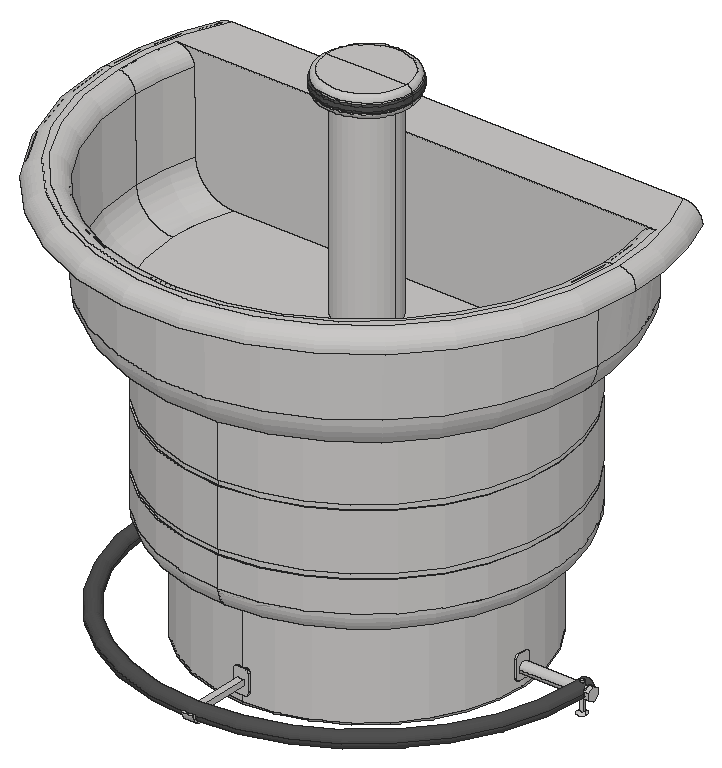
Revit family "Washfountain_Lavatory-Bradley_Corp-WF2703-Type_A_Drain", category Plumbing Fixtures, Revit 2012
Parameters
  Width = 36.000"
  Warranty Information = ""
  WFU = 0
  Voltage = 110 V
  Version = "2.0"
  URL = "http://www.bradleycorp.com/"
  Towel Dispenser Holder [instance] = if((Soap Dispenser), 4.875", 13.375")  # 13.375"
  Towel Dispenser Height [instance] = if((Sensor Module), 50.750", 47.250")  # 47.250"
  TouchTime® Control [instance] = no
  Technical Data = "n/a"
  Spray Head Height = 33.875"
  Specifications URL = "http://www.bradleycorp.com/3partspec"
  Soap Dispenser Holder [instance] = 2.500"  # constant formula
  Soap Dispenser Height [instance] = if((Sensor Module), 45.875", 42.375")  # 42.375"
  Sensor Module Height = 37.375"
  Sensor Module [instance] = not(Foot Control Valve)  # no
  Rim Height = 28.000"
  Product Tech Data URL - Spanish = ""
  Product Tech Data URL - French = ""
  Product Tech Data URL - English = "http://bradleycorp.com/download/2241/2017.pdf"
  Pedestal Material = Metal - Bradley Corp - Stainless Steel - Satin
  Pedestal Height = 19.000"
  Operating Water Pressure Range = "20 - 80 PSI"
  OmniClass Table 23 Title = "Sinks/Lavatories"
  OmniClass Table 23 Number = "23-31 13 00"
  OmniClass Table 21 Title = "Plumbing Fixtures"
  OmniClass Table 21 Number = "21-04 20 10 60"
  No Towel Dispenser [instance] = not(Towel Dispenser)  # yes
  No Soap Dispenser [instance] = not(Soap Dispenser)  # yes
  No Sensor Module [instance] = not(Sensor Module)  # yes
  Modeling Code = ""
  Model = "WF2703"
  Material Note = ""
  MasterFormat Title = "Commercial Lavatories and Sinks"
  MasterFormat Number = "22 42 16"
  Manufacturer = "Bradley Corp"
  Industry Standards = ""
  Hot Lavatory Inlet Secondary Radius = Hot Lavatory Inlet Secondary / 2  # 1/2"
  Hot Lavatory Inlet Secondary = 1"
  Hot Lavatory Inlet Primary Radius = Hot Lavatory Inlet Primary / 2  # 1/2"
  Hot Lavatory Inlet Primary = 1"
  HWFU = 0
  Frequency = 50 Hz
  Foot Control Valve [instance] = not(or(TouchTime® Control, Air Valve Hand Control, Adaptive Infrared Activation Control))  # yes
  Flow Rate = 1.25 GPM
  Fire Rating = "n/a"
  Drain Secondary Radius = Drain Secondary / 2  # 1"
  Drain Secondary = 2"
  Drain Primary Radius = Drain Primary / 2  # 1"
  Drain Primary = 2"
  Drain Height [instance] = 12.000"
  Description = "Washfountain, 36\" Semi Circular with 9\" Deep Bowl"
  Copyright = "This Model Data is Property of Bradley Corporation"
  Cold Lavatory Inlet Secondary Radius = Cold Lavatory Inlet Secondary / 2  # 1/2"
  Cold Lavatory Inlet Secondary = 1"
  Cold Lavatory Inlet Primary Radius = Cold Lavatory Inlet Primary / 2  # 1/2"
  Cold Lavatory Inlet Primary = 1"
  CWFU = 0
  Buy American Act = "No"
  Button Visibility [instance] = or(TouchTime® Control, Air Valve Hand Control)  # no
  Bowl Material [instance] = Metal - Bradley Corp - Stainless Steel - Polished
  Assembly Code = "D2010300"
  Air Valve Hand Control [instance] = no
  Adaptive Infrared Activation Control [instance] = no
  ADA Compliant = "Yes"
  Soap Dispenser [instance] = no
  Towel Dispenser [instance] = no
Reference planes (in)
  plane 1 "Center (Front/Back)": y = 0
  plane 2: z = 0
  plane 3 "Center (Left/Right)": x = 0
  plane 4 "Left": x = -18
  plane 5 "Right": x = 18
  plane 6 "Towel Dispenser": z = 47.25
  plane 7 "Soap Dispenser": z = 42.375
  plane 8 "Sensor Module": z = 37.375
  plane 9 "Spray Head": z = 33.875
  plane 10 "Rim Height": z = 28
  plane 11 "Pedestal Height": z = 19
  plane 12: y = -7.6967
  plane 13: z = 36.375
  plane 14 "Front": y = -26.03001
Forms (in)
  Sweep 1, solid, material "Metal - Bradley Corp - Stainless Steel - Polished" <- "Bowl Material", detail levels medium+fine
    path in 3D
      loop
        arc (18.28, -7.75, 28) -> (0, 10.53, 28) -> (-18.28, -7.75, 28) r 18.28
        arc (-18.28, -7.75, 28) -> (0, -26.03, 28) -> (18.28, -7.75, 28) r 18.28
    profile origin (0, -26.03, 28) x (0, 1, 0) y (0, 0, 1)
      loop
        line (16.3333, -9) -> (16.3333, -8.88) -> (5.20078, -8.88)
        arc (5.20078, -8.88) -> (3.4987, -8.21109) -> (2.70744, -6.56231) r 2.5
        line (2.70744, -6.56231) -> (2.65999, -1.125)
        arc (2.65999, -1.125) -> (2.33049, -0.3295) -> (1.53499, 0.00011) r 1.125
        line (1.53499, 0.00011) -> (1.12499, 0)
        arc (1.12499, 0) -> (0.3295, -0.3295) -> (-0.00001, -1.125) r 1.125
        line (-0.00001, -1.125) -> (0.11999, -1.125)
        arc (0.11999, -1.125) -> (0.41435, -0.41436) -> (1.12499, -0.11989) r 1.005
        line (1.12499, -0.11989) -> (1.53499, -0.12025)
        arc (1.53499, -0.12025) -> (2.24563, -0.41461) -> (2.53999, -1.12525) r 1.005
        line (2.53999, -1.12525) -> (2.58748, -6.56717)
        arc (2.58748, -6.56717) -> (3.41556, -8.29765) -> (5.20078, -9) r 2.62
        line (5.20078, -9) -> (16.3333, -9)
  Extrusion 2, void
    sketch origin (0, 0, 28) x (-1, 0, 0) y (0, -1, 0)
      loop
        line (18, -14) -> (18, 0) -> (-18, 0) -> (-18, -14) -> (18, -14)
    from -28 to 5.875
  Sweep 3, solid, material "Metal - Bradley Corp - Stainless Steel - Polished" <- "Bowl Material", detail levels coarse
    path in 3D
      loop
        arc (18.28, -7.75, 28) -> (0, 10.53, 28) -> (-18.28, -7.75, 28) r 18.28
        arc (-18.28, -7.75, 28) -> (0, -26.03, 28) -> (18.28, -7.75, 28) r 18.28
    profile origin (0, -26.03, 28) x (0, 1, 0) y (0, 0, 1)
      loop
        line (0, 0) -> (0, -1.125) -> (0.12, -1.125) -> (0.12, -0.12) -> (2.53999, -0.12) -> (2.53999, -9) -> (16.3333, -9) -> (16.3333, -8.88) -> (2.65999, -8.88) -> (2.65999, 0) -> (0, 0)
  Revolve 4, solid, material "Metal - Bradley Corp - Stainless Steel - Satin" <- "Pedestal Material", detail levels medium+fine
    sketch origin (0, 0, 0) x (0, 1, 0) y (0, 0, 1)
      loop
        line (-20.25001, 10.34788) -> (-20.17078, 10.34788) -> (-20.17078, 9.97288) -> (-20.25001, 9.97288) -> (-20.25001, 7.88979)
        arc (-20.25001, 7.88979) -> (-19.80162, 6.80727) -> (-18.7191, 6.35887) r 1.53091
        line (-18.7191, 6.35887) -> (-7.6967, 6.35887) -> (-7.6967, 19) -> (-20.25001, 19) -> (-20.25001, 14.53538) -> (-20.16608, 14.53538) -> (-20.16608, 14.16038) -> (-20.25001, 14.16038) -> (-20.25001, 10.34788)
      axis (-7.6967, 19) -> (-7.6967, 6.35887)
    angle from 0 to 360
  Revolve 5, solid, material "Metal - Bradley Corp - Stainless Steel - Satin" <- "Pedestal Material", detail levels coarse
    sketch origin (0, 0, 0) x (0, 1, 0) y (0, 0, 1)
      loop
        line (-20.25001, 19) -> (-20.25001, 6.35887) -> (-7.6967, 6.35887) -> (-7.6967, 19) -> (-20.25001, 19)
      axis (-7.6967, 19) -> (-7.6967, 6.35887)
    angle from 0 to 360
  Revolve 6, solid, material "Metal - Bradley Corp - Stainless Steel - Satin"
    sketch origin (0, 0, 0) x (0, 1, 0) y (0, 0, 1)
      loop
        arc (-18.18806, 0.1416) -> (-18.14659, 0.04147) -> (-18.04646, 0) r 0.1416
        line (-18.04646, 0) -> (-7.6967, 0) -> (-7.6967, 6.35887) -> (-17.97405, 6.35888) -> (-17.97405, 6.04595) -> (-18.18806, 6.04595) -> (-18.18806, 0.1416)
      axis (-7.6967, 6.35888) -> (-7.6967, 0)
    angle from 0 to 360
  Revolve 7, solid, material "Metal - Bradley Corp - Stainless Steel - Satin", detail levels medium+fine
    sketch origin (-3, -7.6967, 33.875) x (1, 0, 0) y (0, 0, 1)
      loop
        arc (0.31013, 0) -> (0.06618, -0.10105) -> (-0.03487, -0.345) r 0.345
        line (-0.03487, -0.345) -> (-0.03487, -0.44471)
        arc (-0.03487, -0.44471) -> (-0.09873, -0.47343) -> (-0.12487, -0.53838) r 0.09375
        line (-0.12487, -0.53838) -> (-0.12487, -0.85088)
        arc (-0.12487, -0.85088) -> (-0.09873, -0.91583) -> (-0.03487, -0.94456) r 0.09375
        line (-0.03487, -0.94456) -> (-0.03487, -1.04463)
        arc (-0.03487, -1.04463) -> (0.06618, -1.28859) -> (0.31013, -1.38963) r 0.345
        line (0.31013, -1.38963) -> (1.00013, -1.38963) -> (1.00013, -14.875) -> (3, -14.875) -> (3, 0) -> (0.31013, 0)
      axis (3, 0) -> (3, -14.875)
    angle from 0 to 360
  Revolve 8, solid, material "Metal - Bradley Corp - Stainless Steel - Satin", detail levels coarse
    sketch origin (-3, -7.6967, 33.875) x (1, 0, 0) y (0, 0, 1)
      loop
        line (-0.12487, -0.44471) -> (-0.12487, -0.94456) -> (0.31085, -1.38963) -> (1.00013, -1.38963) -> (1.00013, -14.875) -> (3, -14.875) -> (3, 0.00012) -> (0.31013, 0.00012) -> (-0.12487, -0.44471)
      axis (3, 0.00012) -> (3, -14.875)
    angle from 0 to 360
  Revolve 9, solid, material "Metal - Bradley Corp - Stainless Steel - Satin", visible <- "Sensor Module", detail levels fine
    sketch origin (-3, -7.6967, 37.375) x (1, 0, 0) y (0, 0, 1)
      loop
        arc (-1.45317, -0.20636) -> (-1.54025, -0.24993) -> (-1.57537, -0.34075) r 0.135
        line (-1.57537, -0.34075) -> (-1.57537, -0.56538) -> (-1.49987, -0.56538) -> (-1.49987, -1.98683)
        arc (-1.49987, -1.98683) -> (-1.48077, -2.08267) -> (-1.42639, -2.16387) r 0.25
        line (-1.42639, -2.16387) -> (-0.82283, -2.76742)
        arc (-0.82283, -2.76742) -> (-0.74182, -2.82142) -> (-0.64632, -2.84038) r 0.25
        line (-0.64632, -2.84038) -> (1.00013, -2.84038) -> (1.00013, -3.5) -> (3, -3.5) -> (3, 0) -> (0.90513, 0) -> (-1.45612, -0.2063)
      axis (3, 0) -> (3, -3.5)
    angle from 0 to 360
  Revolve 10, solid, material "Metal - Bradley Corp - Stainless Steel - Satin", visible <- "Sensor Module", detail levels coarse+medium
    sketch origin (-3, -7.6967, 37.375) x (1, 0, 0) y (0, 0, 1)
      loop
        line (-1.57537, -2.01488) -> (-0.74987, -2.84038) -> (1.00013, -2.84038) -> (1.00013, -3.5) -> (3, -3.5) -> (3, 0) -> (-1.57537, 0) -> (-1.57537, -2.01488)
      axis (3, 0) -> (3, -3.5)
    angle from 0 to 360
  Revolve 11, solid, material "Metal - Bradley Corp - Stainless Steel - Satin", visible <- "Soap Dispenser", detail levels fine
    sketch origin (-3, -7.6967, 42.375) x (1, 0, 0) y (0, 0, 1)
      loop
        line (-3.01408, -1.64235) -> (-2.98301, -1.64235) -> (-2.98301, -2.89235) -> (-2.93039, -2.89235) -> (-2.93039, -4.14235) -> (-2.87777, -4.14235) -> (-2.87777, -5.39235) -> (-2.81, -5.39235) -> (-2.81, -6) -> (3, -6) -> (3, 0) -> (-1.15684, 0)
        arc (-1.15684, 0) -> (-2.16098, -0.12055) -> (-3.13971, -0.37529) r 7.48917
        line (-3.13971, -0.37529) -> (-3.13971, -1.00047) -> (-3.01408, -1.00047) -> (-3.01408, -1.64235)
      axis (3, 0) -> (3, -6)
    angle from 360 to 180
  Revolve 12, solid, material "Metal - Bradley Corp - Stainless Steel - Satin", visible <- "Soap Dispenser", detail levels coarse+medium
    sketch origin (-3, -7.6967, 42.375) x (1, 0, 0) y (0, 0, 1)
      loop
        line (-3.13971, -1.00047) -> (-2.81, -6) -> (3, -6) -> (3, -1.00047) -> (-3.13971, -1.00047)
      axis (3, -1.00047) -> (3, -6)
    angle from 360 to 180
  Extrusion 13, solid, material "Metal - Bradley Corp - Stainless Steel - Satin", visible <- "Soap Dispenser", detail levels fine
    sketch origin (-3, -7.6967, 42.375) x (1, 0, 0) y (0, 0, 1)
      loop
        line (-3.01408, -1.64235) -> (-2.98301, -1.64235) -> (-2.98301, -2.89235) -> (-2.93039, -2.89235) -> (-2.93039, -4.14235) -> (-2.87777, -4.14235) -> (-2.87777, -5.39235) -> (-2.81, -5.39235) -> (-2.81, -6) -> (8.81, -6) -> (8.81, -5.39235) -> (8.87777, -5.39235) -> (8.87777, -4.14235) -> (8.93039, -4.14235) -> (8.93039, -2.89235) -> (8.98301, -2.89235) -> (8.98301, -1.64235) -> (9.01408, -1.64235) -> (9.01408, -1.00047) -> (9.13971, -1.00047) -> (9.13971, -0.37529)
        arc (9.13971, -0.37529) -> (8.16098, -0.12055) -> (7.15684, 0) r 7.48917
        line (7.15684, 0) -> (-1.15684, 0)
        arc (-1.15684, 0) -> (-2.16098, -0.12055) -> (-3.13971, -0.37529) r 7.48917
        line (-3.13971, -0.37529) -> (-3.13971, -1.00047) -> (-3.01408, -1.00047) -> (-3.01408, -1.64235)
    from 0 to -2.25
  Extrusion 14, solid, material "Metal - Bradley Corp - Stainless Steel - Satin", visible <- "Soap Dispenser", detail levels coarse+medium
    sketch origin (-3, -7.6967, 42.375) x (1, 0, 0) y (0, 0, 1)
      loop
        line (-3.13971, -1.00047) -> (-2.81, -6) -> (8.81, -6) -> (9.13971, -1.00047) -> (-3.13971, -1.00047)
    from 0 to -2.25
  Extrusion 15, solid, material "Metal - Bradley Corp - Stainless Steel - Satin", visible <- "Towel Dispenser"
    sketch origin (0, 0, 47.25) x (-1, 0, 0) y (0, -1, 0)
      loop
        line (0.06458, 14.08484) -> (-0.06458, 14.08484) -> (-5.56458, 4.55856) -> (-5.5, 4.4467) -> (5.5, 4.4467) -> (5.56458, 4.55856) -> (0.06458, 14.08484)
      loop
        circle (0, 7.6967) r 2
    from 14.62567 to 14.12567
  Extrusion 16, solid, material "Metal - Bradley Corp - Stainless Steel - Satin", visible <- "Towel Dispenser"
    sketch origin (-0.06458, -14.08484, 47.25) x (0, 0, 1) y (-0.866025, -0.5, 0)
      loop
        line (0, 0) -> (15.313, 0) -> (14.62567, 4) -> (1.37502, 4) -> (0, 1.75) -> (0, 0)
    from 0 to -11
  Extrusion 17, solid, material "Metal - Bradley Corp - Stainless Steel - Satin", visible <- "Towel Dispenser"
    sketch origin (5.56458, -4.55856, 47.25) x (0, 0, 1) y (0.866025, -0.5, 0)
      loop
        line (0, 0) -> (15.313, 0) -> (14.62567, 4) -> (1.37502, 4) -> (0, 1.75) -> (0, 0)
    from 0 to -11
  Extrusion 18, solid, material "Metal - Bradley Corp - Stainless Steel - Satin", visible <- "Towel Dispenser"
    sketch origin (0, 0, 47.25) x (-1, 0, 0) y (0, -1, 0)
      loop
        line (0.06458, 14.08484) -> (-0.06458, 14.08484) -> (-5.56458, 4.55856) -> (-5.5, 4.4467) -> (5.5, 4.4467) -> (5.56458, 4.55856) -> (0.06458, 14.08484)
      loop
        circle (0, 7.6967) r 2
    from 1.0786 to 1.5786
  Extrusion 19, solid, material "Metal - Bradley Corp - Stainless Steel - Satin", visible <- "Towel Dispenser"
    sketch origin (0, 0, 47.25) x (-1, 0, 0) y (0, -1, 0)
      loop
        circle (0, 7.6967) r 2
    from -13.375 to 16.313
  Extrusion 20, solid, material "Metal - Bradley Corp - Stainless Steel - Satin", visible <- "Soap Dispenser"
    sketch origin (0, 0, 42.375) x (-1, 0, 0) y (0, -1, 0)
      loop
        circle (0, 7.6967) r 2
    from -6 to -8.5
  Extrusion 21, solid, material "Metal - Bradley Corp - Stainless Steel - Polished", detail levels medium+fine
    sketch origin (0, 0, 28) x (-1, 0, 0) y (0, -1, 0)
      loop
        circle (-4, 7.6967) r 1.75
      loop
        circle (-4, 7.6967) r 0.1842
      loop
        circle (-4, 6.81899) r 0.1842
      loop
        circle (-3.12229, 7.6967) r 0.1842
      loop
        circle (-4, 8.57441) r 0.1842
      loop
        circle (-4.87771, 7.6967) r 0.1842
      loop
        circle (-4.62063, 7.07606) r 0.1842
      loop
        circle (-3.37937, 7.07606) r 0.1842
      loop
        circle (-3.37937, 8.31733) r 0.1842
      loop
        circle (-4.62063, 8.31733) r 0.1842
    from -8.88 to -8.93903
  Extrusion 22, void
    sketch origin (0, 0, 28) x (-1, 0, 0) y (0, -1, 0)
      loop
        circle (-4, 7.6967) r 1.75
    from -9 to -5.94946
  Sweep 23, solid, material "Plastic - Bradley Corp - Black", visible <- "Foot Control Valve"
    path in 3D
      loop
        line (15.00846, -7.1967, 0) -> (15.00846, -7.6967, 0)
        arc (15.00846, -7.6967, 0) -> (0, -22.70516, 0) -> (-15.00846, -7.6967, 0) r 15.00846
        line (-15.00846, -7.6967, 0) -> (-15.00846, -7.1967, 0)
    profile origin (-15.00846, -7.4467, 0) x (-1, 0, 0) y (0, 0, 1)
      loop
        circle (-0.5, 1.42499) r 0.49941
  Extrusion 24, solid, material "Metal - Bradley Corp - Stainless Steel - Satin", visible <- "Foot Control Valve", detail levels medium+fine
    sketch origin (0, 0, 0) x (0, 1, 0) y (0, 0, 1)
      loop
        line (-7.37851, 1.63949) -> (-7.75001, 1.85397) -> (-8.12151, 1.63949) -> (-8.12151, 1.21051) -> (-7.75001, 0.99603) -> (-7.37851, 1.21051) -> (-7.37851, 1.63949)
    from -15.32813 to -15.01563
  Extrusion 25, solid, material "Metal - Bradley Corp - Stainless Steel - Satin", visible <- "Foot Control Valve", detail levels medium+fine
    sketch origin (0, 0, 0) x (0, 1, 0) y (0, 0, 1)
      loop
        line (-7.75001, 1.85397) -> (-8.12151, 1.63948) -> (-8.12151, 1.21051) -> (-7.75001, 0.99603) -> (-7.37851, 1.21051) -> (-7.37851, 1.63949) -> (-7.75001, 1.85397)
    from 15.37923 to 15.04349
  Extrusion 26, solid, material "Metal - Bradley Corp - Stainless Steel - Satin", visible <- "Foot Control Valve"
    sketch origin (0, 0, 0) x (0, 1, 0) y (0, 0, 1)
      loop
        circle (-7.75001, 1.425) r 0.3715
    from -15.01563 to -10.61637
  Extrusion 27, solid, material "Metal - Bradley Corp - Stainless Steel - Satin", visible <- "Foot Control Valve"
    sketch origin (0, 0, 0) x (0, 1, 0) y (0, 0, 1)
      loop
        circle (-7.75001, 1.42499) r 0.3715
    from 10.61637 to 15.04349
  Extrusion 28, solid, material "Metal - Bradley Corp - Stainless Steel - Satin", visible <- "Foot Control Valve", detail levels fine
    sketch origin (0, 0, 0) x (1, 0, 0) y (0, 1, 0)
      loop
        circle (-14.57813, -7.6967) r 0.12
      loop
        circle (14.57813, -7.6967) r 0.12
    from 0.1445 to 1.99999
  Blend 29, solid, material "Metal - Bradley Corp - Stainless Steel - Satin", visible <- "Foot Control Valve", detail levels fine
    base sketch origin (0, 0, 0) x (1, 0, 0) y (0, 1, 0)
      loop
        circle (-14.57813, -7.6967) r 0.12
    top sketch origin (0, 0, 0) x (1, 0, 0) y (0, 1, 0)
      loop
        circle (-14.57813, -7.6967) r 0.327
    from 0.1445 to 0
  Blend 30, solid, material "Metal - Bradley Corp - Stainless Steel - Satin", visible <- "Foot Control Valve", detail levels fine
    base sketch origin (0, 0, 0) x (1, 0, 0) y (0, 1, 0)
      loop
        circle (14.57813, -7.6967) r 0.12
    top sketch origin (0, 0, 0) x (1, 0, 0) y (0, 1, 0)
      loop
        circle (14.57813, -7.6967) r 0.327
    from 0.1445 to 0
  Extrusion 31, solid, material "Metal - Bradley Corp - Stainless Steel - Satin", visible <- "Foot Control Valve"
    sketch origin (0, 0, 0) x (0, 1, 0) y (0, 0, 1)
      loop
        line (-7.25001, 0.921) -> (-7.25001, 2.046)
        arc (-7.25001, 2.046) -> (-7.32323, 2.22278) -> (-7.50001, 2.296) r 0.25
        line (-7.50001, 2.296) -> (-8.00001, 2.296)
        arc (-8.00001, 2.296) -> (-8.17679, 2.22278) -> (-8.25001, 2.046) r 0.25
        line (-8.25001, 2.046) -> (-8.25001, 0.921)
        arc (-8.25001, 0.921) -> (-8.17679, 0.74422) -> (-8.00001, 0.671) r 0.25
        line (-8.00001, 0.671) -> (-7.50001, 0.671)
        arc (-7.50001, 0.671) -> (-7.32323, 0.74422) -> (-7.25001, 0.921) r 0.25
    from -10.61637 to -10.49137
  Extrusion 32, solid, material "Metal - Bradley Corp - Stainless Steel - Satin", visible <- "Foot Control Valve"
    sketch origin (0, 0, 0) x (0, 1, 0) y (0, 0, 1)
      loop
        line (-7.50001, 2.296) -> (-8.00001, 2.296)
        arc (-8.00001, 2.296) -> (-8.17679, 2.22278) -> (-8.25001, 2.046) r 0.25
        line (-8.25001, 2.046) -> (-8.25001, 0.921)
        arc (-8.25001, 0.921) -> (-8.17679, 0.74422) -> (-8.00001, 0.671) r 0.25
        line (-8.00001, 0.671) -> (-7.50001, 0.671)
        arc (-7.50001, 0.671) -> (-7.32323, 0.74422) -> (-7.25001, 0.921) r 0.25
        line (-7.25001, 0.921) -> (-7.25001, 2.046)
        arc (-7.25001, 2.046) -> (-7.32323, 2.22278) -> (-7.50001, 2.296) r 0.25
    from 10.49137 to 10.61637
  Extrusion 33, solid, material "Metal - Bradley Corp - Stainless Steel - Satin", visible <- "Foot Control Valve", detail levels fine
    sketch origin (0, 0, 0) x (0, 1, 0) y (0, 0, 1)
      loop
        arc (-22.70153, 1.42499) -> (-22.75153, 1.47499) -> (-22.80153, 1.42499) r 0.05
        arc (-22.80153, 1.42499) -> (-22.10066, 0.83423) -> (-21.63707, 1.62499) r 0.59941
        line (-21.63707, 1.62499) -> (-21.74452, 1.62499)
        arc (-21.74452, 1.62499) -> (-22.09997, 0.93614) -> (-22.70153, 1.42499) r 0.49941
    from -0.40046 to 0.4
  Extrusion 34, solid, material "Metal - Bradley Corp - Stainless Steel - Satin", visible <- "Foot Control Valve", detail levels fine
    sketch origin (0, 0, 0) x (0, 1, 0) y (0, 0, 1)
      loop
        arc (-21.63707, 1.62499) -> (-21.60272, 1.42499) -> (-21.63707, 1.22499) r 0.59941
        line (-21.63707, 1.22499) -> (-18.31306, 1.22499) -> (-18.31306, 1.62499) -> (-21.63707, 1.62499)
    from -0.2 to 0.2
  Extrusion 35, solid, material "Metal - Bradley Corp - Stainless Steel - Satin", not visible, detail levels fine
    sketch origin (0, 0, 0) x (1, 0, 0) y (0, 1, 0)
      loop
        circle (4, -7.75) r 1
    from 0 to 3
  Extrusion 36, solid, material "Default", not visible, detail levels fine
    sketch origin (-3, -7.6967, 42.375) x (1, 0, 0) y (0, 0, 1)
      loop
        circle (10.625, -30.375) r 0.5
      loop
        circle (-4.625, -30.375) r 0.5
      loop
        line (-0.5, -30.304) -> (-1.5, -30.304) -> (-1.5, -32.304) -> (-0.5, -32.304) -> (-0.5, -30.304)
    from -7.6967 to -5.1967
  Extrusion 37, solid, material "Default", not visible, detail levels fine
    sketch origin (0, 0, 0) x (1, 0, 0) y (0, 1, 0)
      loop
        circle (-7.625, -4.5) r 0.5
      loop
        circle (7.625, -4.5) r 0.5
    from 0 to 2.5
  Extrusion 38, solid, material "Metal - Bradley Corp - Stainless Steel - Satin", visible <- "Foot Control Valve", detail levels fine
    sketch origin (0, 0, 0) x (1, 0, 0) y (0, 0, 1)
      loop
        arc (-0.5, 0.921) -> (-0.42678, 0.74422) -> (-0.25, 0.671) r 0.25
        line (-0.25, 0.671) -> (0.25, 0.671)
        arc (0.25, 0.671) -> (0.42678, 0.74422) -> (0.5, 0.921) r 0.25
        line (0.5, 0.921) -> (0.5, 2.046)
        arc (0.5, 2.046) -> (0.42678, 2.22278) -> (0.25, 2.296) r 0.25
        line (0.25, 2.296) -> (-0.25, 2.296)
        arc (-0.25, 2.296) -> (-0.42678, 2.22278) -> (-0.5, 2.046) r 0.25
        line (-0.5, 2.046) -> (-0.5, 0.921)
    from 18.18806 to 18.31306
  Revolve 39, solid, material "Plastic - Bradley Corp - Black", visible <- "Soap Dispenser", detail levels coarse+medium
    sketch origin (-3, -7.6967, 42.375) x (1, 0, 0) y (0, 0, 1)
      loop
        line (3, 0) -> (-3.20569, 0) -> (-3.13971, -1.00047) -> (3, -1.00047) -> (3, 0)
      axis (3, 0) -> (3, -1.00047)
    angle from 180 to 360
  Extrusion 40, solid, material "Plastic - Bradley Corp - Black", visible <- "Soap Dispenser", detail levels coarse+medium
    sketch origin (-3, -7.6967, 42.375) x (1, 0, 0) y (0, 0, 1)
      loop
        line (-3.13971, -1.00047) -> (9.13971, -1.00047) -> (9.20569, 0) -> (-3.20569, 0) -> (-3.13971, -1.00047)
    from 0 to -2.25
  Extrusion 41, solid, material "Metal - Bradley Corp - Stainless Steel - Polished", visible <- "Button Visibility"
    sketch origin (-3, -7.6967, 37.375) x (1, 0, 0) y (0, 0, 1)
      loop
        circle (3, -1.29013) r 0.5
    from 4.57537 to 4.97537
  Extrusion 42, solid, material "Metal - Bradley Corp - Stainless Steel - Polished", visible <- "Button Visibility", detail levels fine
    sketch origin (-3, -7.6967, 37.375) x (1, 0, 0) y (0, 0, 1)
      loop
        circle (3, -1.29013) r 0.25
    from 4.5 to 4.57537
  Extrusion 43, solid, material "Metal - Bradley Corp - Stainless Steel - Polished" <- "Bowl Material", detail levels coarse
    sketch origin (0, 0, 28) x (-1, 0, 0) y (0, -1, 0)
      loop
        arc (-15.02958, 3.496) -> (-14.40216, 1.7033) -> (-13.56179, 0) r 15.62001
        line (-13.56179, 0) -> (13.56179, 0)
        arc (13.56179, 0) -> (14.40216, 1.7033) -> (15.02958, 3.496) r 15.62001
        line (15.02958, 3.496) -> (-15.02958, 3.496)
    from -8.88 to 0
  Extrusion 44, solid, material "Metal - Bradley Corp - Stainless Steel - Polished" <- "Bowl Material", detail levels medium+fine
    sketch origin (0, 0, 28) x (-1, 0, 0) y (0, -1, 0)
      loop
        arc (14.85408, 0) -> (15.7062, 1.70204) -> (16.34242, 3.496) r 15.44001
        line (16.34242, 3.496) -> (-16.34242, 3.496)
        arc (-16.34242, 3.496) -> (-15.7062, 1.70204) -> (-14.85408, 0) r 15.44001
        line (-14.85408, 0) -> (14.85408, 0)
    from -8.88 to 0
  Sweep 45, void
    path in 3D
      loop
        arc (18.28, -7.75, 28) -> (0, 10.53, 28) -> (-18.28, -7.75, 28) r 18.28
        arc (-18.28, -7.75, 28) -> (0, -26.03, 28) -> (18.28, -7.75, 28) r 18.28
    profile origin (0, -26.03, 28) x (0, 1, 0) y (0, 0, 1)
      loop
        line (2.64746, -6.56475) -> (2.59999, -1.12499)
        arc (2.59999, -1.12499) -> (2.28797, -0.37209) -> (1.53499, -0.05989) r 1.065
        line (1.53499, -0.05989) -> (1.12499, -0.06)
        arc (1.12499, -0.06) -> (0.37192, -0.37193) -> (0.05999, -1.125) r 1.065
        line (0.05999, -1.125) -> (0.05999, -9) -> (5.77999, -9) -> (5.77999, -8.94) -> (5.20078, -8.94)
        arc (5.20078, -8.94) -> (3.45713, -8.25437) -> (2.64746, -6.56475) r 2.56
  Extrusion 46, solid, material "Default", not visible
    sketch origin (0, 0, 0) x (1, 0, 0) y (0, 0, 1)
      loop
        circle (4, 12) r 1
    from 0 to 3
Cuts and joins
  Extrusion 2, Extrusion 22 cuts Sweep 1
  Sweep 45 cuts Extrusion 44
  joined: Sweep 1, Extrusion 44
  Extrusion 2, Extrusion 22 cuts Sweep 3
  joined: Sweep 3, Extrusion 43
  Extrusion 2 cuts Revolve 4
  Extrusion 2 cuts Revolve 5
  Extrusion 2 cuts Revolve 6
  joined: Revolve 11, Extrusion 13
  joined: Revolve 12, Extrusion 14
  joined: Extrusion 26, Extrusion 27
  joined: Revolve 39, Extrusion 40
Lines and regions (in)
  Masking region 1, detail levels medium+fine
    outline origin (-3, -7.6967, 33.875) x (1, 0, 0) y (0, 0, 1)
      loop
        arc (0.31013, 0) -> (0.06618, -0.10105) -> (-0.03487, -0.345) r 0.345
        line (-0.03487, -0.345) -> (-0.03487, -0.44471)
        arc (-0.03487, -0.44471) -> (-0.09873, -0.47343) -> (-0.12487, -0.53838) r 0.09375
        line (-0.12487, -0.53838) -> (-0.12487, -0.85088)
        arc (-0.12487, -0.85088) -> (-0.09873, -0.91583) -> (-0.03487, -0.94456) r 0.09375
        line (-0.03487, -0.94456) -> (-0.03487, -1.04463)
        arc (-0.03487, -1.04463) -> (0.06618, -1.28859) -> (0.31013, -1.38963) r 0.345
        line (0.31013, -1.38963) -> (1.00013, -1.38963) -> (1.00013, -5.875) -> (5.00013, -5.875) -> (5.00013, -1.38963) -> (5.68987, -1.38963)
        arc (5.68987, -1.38963) -> (5.93382, -1.28859) -> (6.03487, -1.04463) r 0.345
        line (6.03487, -1.04463) -> (6.03487, -0.94456)
        arc (6.03487, -0.94456) -> (6.09873, -0.91583) -> (6.12487, -0.85088) r 0.09375
        line (6.12487, -0.85088) -> (6.12487, -0.53838)
        arc (6.12487, -0.53838) -> (6.09873, -0.47343) -> (6.03487, -0.44471) r 0.09375
        line (6.03487, -0.44471) -> (6.03487, -0.34463)
        arc (6.03487, -0.34463) -> (5.93382, -0.10105) -> (5.68987, 0) r 0.345
        line (5.68987, 0) -> (0.31013, 0)
  Masking region 2, detail levels coarse
    outline origin (-3, -7.6967, 33.875) x (1, 0, 0) y (0, 0, 1)
      loop
        line (-0.12487, -0.44471) -> (-0.12487, -0.94456) -> (0.31085, -1.38963) -> (1.00013, -1.38963) -> (1.00013, -5.875) -> (5.00013, -5.875) -> (5.00013, -1.38963) -> (5.68915, -1.38963) -> (6.12487, -0.94456) -> (6.12487, -0.44471) -> (5.68999, 0) -> (0.31001, 0) -> (-0.12487, -0.44471)
  Masking region 3, visible <- "Sensor Module", detail levels coarse+medium
    outline origin (-3, -7.6967, 37.375) x (1, 0, 0) y (0, 0, 1)
      loop
        line (-1.57537, 0) -> (-1.57537, -2.01488) -> (-0.74987, -2.84038) -> (1.00013, -2.84038) -> (1.00013, -3.5) -> (4.99987, -3.5) -> (4.99987, -2.84038) -> (6.74987, -2.84038) -> (7.57537, -2.01488) -> (7.57537, 0) -> (-1.57537, 0)
  Masking region 4, visible <- "Sensor Module", detail levels fine
    outline origin (-3, -7.6967, 37.375) x (1, 0, 0) y (0, 0, 1)
      loop
        arc (-1.45317, -0.20636) -> (-1.54025, -0.24993) -> (-1.57537, -0.34075) r 0.135
        line (-1.57537, -0.34075) -> (-1.57537, -0.56538) -> (-1.49987, -0.56538) -> (-1.49987, -1.98683)
        arc (-1.49987, -1.98683) -> (-1.48077, -2.08267) -> (-1.42639, -2.16387) r 0.25
        line (-1.42639, -2.16387) -> (-0.82283, -2.76742)
        arc (-0.82283, -2.76742) -> (-0.74182, -2.82142) -> (-0.64632, -2.84038) r 0.25
        line (-0.64632, -2.84038) -> (1.00013, -2.84038) -> (1.00013, -3.5) -> (4.99987, -3.5) -> (4.99987, -2.84038) -> (6.64632, -2.84038)
        arc (6.64632, -2.84038) -> (6.74182, -2.82142) -> (6.82283, -2.76742) r 0.25
        line (6.82283, -2.76742) -> (7.42639, -2.16387)
        arc (7.42639, -2.16387) -> (7.48077, -2.08267) -> (7.49987, -1.98683) r 0.25
        line (7.49987, -1.98683) -> (7.49987, -0.56538) -> (7.57537, -0.56538) -> (7.57537, -0.34075)
        arc (7.57537, -0.34075) -> (7.54025, -0.24993) -> (7.45317, -0.20636) r 0.135
      loop
        line (7.45612, -0.2063) -> (5.09487, 0) -> (0.90513, 0) -> (-1.45612, -0.2063)
  Masking region 5, visible <- "Soap Dispenser", detail levels coarse+medium
    outline origin (-3, -7.6967, 42.375) x (1, 0, 0) y (0, 0, 1)
      loop
        line (-3.20569, 0) -> (-2.81, -6) -> (8.81, -6) -> (9.20569, 0) -> (-3.20569, 0)
  Masking region 6, visible <- "Soap Dispenser", detail levels fine
    outline origin (-3, -7.6967, 42.375) x (1, 0, 0) y (0, 0, 1)
      loop
        line (-3.01408, -1.64235) -> (-2.98301, -1.64235) -> (-2.98301, -2.89235) -> (-2.93039, -2.89235) -> (-2.93039, -4.14235) -> (-2.87777, -4.14235) -> (-2.87777, -5.39235) -> (-2.81, -5.39235) -> (-2.81, -6) -> (8.81, -6) -> (8.81, -5.39235) -> (8.87777, -5.39235) -> (8.87777, -4.14235) -> (8.93039, -4.14235) -> (8.93039, -2.89235) -> (8.98301, -2.89235) -> (8.98301, -1.64235) -> (9.01408, -1.64235) -> (9.01408, -1.00047) -> (9.13971, -1.00047) -> (9.13971, -0.37529)
        arc (9.13971, -0.37529) -> (8.16098, -0.12055) -> (7.15684, 0) r 7.48917
        line (7.15684, 0) -> (-1.15684, 0)
        arc (-1.15684, 0) -> (-2.16098, -0.12055) -> (-3.13971, -0.37529) r 7.48917
        line (-3.13971, -0.37529) -> (-3.13971, -1.00047) -> (-3.01408, -1.00047) -> (-3.01408, -1.64235)
  Masking region 7, visible <- "Soap Dispenser", detail levels fine
    outline origin (0, -4.6967, 42.375) x (0, -1, 0) y (0, 0, 1)
      loop
        line (9.01313, -1.64235) -> (9.01313, -1.00047) -> (9.13876, -1.00047) -> (9.13876, -0.37529)
        arc (9.13876, -0.37529) -> (8.16002, -0.12055) -> (7.15589, 0) r 7.48917
        line (7.15589, 0) -> (0.75, 0) -> (0.75, -6) -> (8.80905, -6) -> (8.80905, -5.39235) -> (8.87682, -5.39235) -> (8.87682, -4.14235) -> (8.92944, -4.14235) -> (8.92944, -2.89235) -> (8.98206, -2.89235) -> (8.98206, -1.64235) -> (9.01313, -1.64235)
  Masking region 8, visible <- "Soap Dispenser", detail levels coarse+medium
    outline origin (0, -4.6967, 42.375) x (0, -1, 0) y (0, 0, 1)
      loop
        line (0.75, 0) -> (0.75, -6) -> (8.80905, -6) -> (9.20569, 0) -> (0.75, 0)
  Masking region 9, visible <- "Sensor Module", detail levels coarse+medium
    outline origin (0, -4.6967, 37.375) x (0, -1, 0) y (0, 0, 1)
      loop
        line (-1.57537, 0) -> (-1.57537, -2.01488) -> (-0.74987, -2.84038) -> (1, -2.84038) -> (1, -3.5) -> (4.99987, -3.5) -> (4.99987, -2.84038) -> (6.74987, -2.84038) -> (7.57537, -2.01488) -> (7.57537, 0) -> (-1.57537, 0)
  Masking region 10, visible <- "Sensor Module", detail levels fine
    outline origin (0, -4.6967, 37.375) x (0, -1, 0) y (0, 0, 1)
      loop
        arc (-1.4533, -0.20636) -> (-1.54038, -0.24993) -> (-1.5755, -0.34075) r 0.135
        line (-1.5755, -0.34075) -> (-1.5755, -0.56538) -> (-1.5, -0.56538) -> (-1.5, -1.98683)
        arc (-1.5, -1.98683) -> (-1.4809, -2.08267) -> (-1.42651, -2.16387) r 0.25
        line (-1.42651, -2.16387) -> (-0.82296, -2.76742)
        arc (-0.82296, -2.76742) -> (-0.74195, -2.82142) -> (-0.64645, -2.84038) r 0.25
        line (-0.64645, -2.84038) -> (1, -2.84038) -> (1, -3.5) -> (4.99987, -3.5) -> (4.99987, -2.84038) -> (6.64645, -2.84038)
        arc (6.64645, -2.84038) -> (6.74195, -2.82142) -> (6.82296, -2.76742) r 0.25
        line (6.82296, -2.76742) -> (7.42651, -2.16387)
        arc (7.42651, -2.16387) -> (7.4809, -2.08267) -> (7.5, -1.98683) r 0.25
        line (7.5, -1.98683) -> (7.5, -0.56538) -> (7.5755, -0.56538) -> (7.5755, -0.34075)
        arc (7.5755, -0.34075) -> (7.54038, -0.24993) -> (7.4533, -0.20636) r 0.135
      loop
        line (7.45625, -0.2063) -> (5.095, 0) -> (0.905, 0) -> (-1.45625, -0.2063)
  Masking region 11, detail levels coarse+medium
    outline origin (0, 0, 0) x (0, 1, 0) y (0, 0, 1)
      loop
        line (-10.82157, 33.43029) -> (-10.82157, 32.93044) -> (-10.38585, 32.48537) -> (-9.6967, 32.48537) -> (-9.6967, 28) -> (-5.6967, 28) -> (-5.6967, 32.48537) -> (-5.00754, 32.48537) -> (-4.57183, 32.93044) -> (-4.57183, 33.43029) -> (-5.0067, 33.875) -> (-10.38669, 33.875) -> (-10.82157, 33.43029)
  Masking region 12, detail levels fine
    outline origin (0, -4.6967, 33.875) x (0, -1, 0) y (0, 0, 1)
      loop
        arc (0.31013, 0) -> (0.06618, -0.10105) -> (-0.03487, -0.345) r 0.345
        line (-0.03487, -0.345) -> (-0.03487, -0.44471)
        arc (-0.03487, -0.44471) -> (-0.09873, -0.47343) -> (-0.12487, -0.53838) r 0.09375
        line (-0.12487, -0.53838) -> (-0.12487, -0.85088)
        arc (-0.12487, -0.85088) -> (-0.09873, -0.91583) -> (-0.03487, -0.94456) r 0.09375
        line (-0.03487, -0.94456) -> (-0.03487, -1.04463)
        arc (-0.03487, -1.04463) -> (0.06618, -1.28859) -> (0.31013, -1.38963) r 0.345
        line (0.31013, -1.38963) -> (1.00013, -1.38963) -> (1.00013, -5.875) -> (5, -5.875) -> (5, -1.38963) -> (5.69029, -1.38963)
        arc (5.69029, -1.38963) -> (5.93424, -1.28859) -> (6.03529, -1.04463) r 0.345
        line (6.03529, -1.04463) -> (6.03487, -0.94456)
        arc (6.03487, -0.94456) -> (6.09873, -0.91583) -> (6.12487, -0.85088) r 0.09375
        line (6.12487, -0.85088) -> (6.12487, -0.53838)
        arc (6.12487, -0.53838) -> (6.09873, -0.47343) -> (6.03487, -0.44471) r 0.09375
        line (6.03487, -0.44471) -> (6.03487, -0.34463)
        arc (6.03487, -0.34463) -> (5.93382, -0.10105) -> (5.68987, 0) r 0.345
        line (5.68987, 0) -> (0.31013, 0)
  Masking region 13, detail levels medium+fine
    outline origin (0, 0, 0) x (1, 0, 0) y (0, 0, 1)
      loop
        line (16.875, 28.00019) -> (-16.875, 28.00019)
        arc (-16.875, 28.00019) -> (-17.6705, 27.6705) -> (-18, 26.875) r 1.125
        line (-18, 26.875) -> (-15.46, 26.875) -> (-15.41251, 21.43283)
        arc (-15.41251, 21.43283) -> (-14.58443, 19.70235) -> (-12.79921, 19) r 2.62
        line (-12.79921, 19) -> (12.79921, 19)
        arc (12.79921, 19) -> (14.58443, 19.70235) -> (15.41251, 21.43283) r 2.62
        line (15.41251, 21.43283) -> (15.46, 26.875) -> (18, 26.875)
        arc (18, 26.875) -> (17.6705, 27.6705) -> (16.875, 28.00019) r 1.125
  Masking region 14, detail levels coarse
    outline origin (0, 0, 0) x (1, 0, 0) y (0, 0, 1)
      loop
        line (-18, 26.875) -> (-15.74001, 26.875) -> (-15.74001, 19) -> (15.74001, 19) -> (15.74001, 26.875) -> (18, 26.875) -> (18, 28) -> (-18, 28) -> (-18, 26.875)
  Masking region 15, detail levels medium+fine
    outline origin (-3, -7.6967, 42.375) x (1, 0, 0) y (0, 0, 1)
      loop
        line (15.55331, -32.02712) -> (15.55331, -28.21462) -> (15.46938, -28.21462) -> (15.46938, -27.83962) -> (15.55331, -27.83962) -> (15.55331, -23.375) -> (-9.55331, -23.375) -> (-9.55331, -27.83962) -> (-9.46938, -27.83962) -> (-9.46938, -28.21462) -> (-9.55331, -28.21462) -> (-9.55331, -32.02712) -> (-9.47408, -32.02712) -> (-9.47408, -32.40212) -> (-9.55331, -32.40212) -> (-9.55331, -34.48521)
        arc (-9.55331, -34.48521) -> (-9.10492, -35.56773) -> (-8.0224, -36.01613) r 1.53091
        line (-8.0224, -36.01613) -> (-7.27735, -36.01613) -> (-7.27735, -36.32905) -> (-7.49137, -36.32905) -> (-7.49137, -42.24212)
        arc (-7.49137, -42.24212) -> (-7.44392, -42.34471) -> (-7.33503, -42.375) r 0.13464
        line (-7.33503, -42.375) -> (13.33503, -42.375)
        arc (13.33503, -42.375) -> (13.44392, -42.34471) -> (13.49137, -42.24212) r 0.13464
        line (13.49137, -42.24212) -> (13.49137, -36.32905) -> (13.27736, -36.32905) -> (13.27736, -36.01613) -> (14.0224, -36.01613)
        arc (14.0224, -36.01613) -> (15.10492, -35.56773) -> (15.55331, -34.48521) r 1.53091
        line (15.55331, -34.48521) -> (15.55331, -32.40212) -> (15.47408, -32.40212) -> (15.47408, -32.02712) -> (15.55331, -32.02712)
  Masking region 16, detail levels coarse
    outline origin (-3, -7.6967, 42.375) x (1, 0, 0) y (0, 0, 1)
      loop
        line (-9.55331, -36.01613) -> (-7.49137, -36.01613) -> (-7.49137, -42.375) -> (13.49137, -42.375) -> (13.49137, -36.01612) -> (15.55331, -36.01612) -> (15.55331, -23.375) -> (-9.55331, -23.375) -> (-9.55331, -36.01613)
  Masking region 17, detail levels medium+fine
    outline origin (0, 0, 0) x (0, 1, 0) y (0, 0, 1)
      loop
        line (0, 19) -> (0, 28) -> (-24.90501, 28)
        arc (-24.90501, 28) -> (-25.70051, 27.6705) -> (-26.03001, 26.875) r 1.125
        line (-26.03001, 26.875) -> (-23.49001, 26.875) -> (-23.44252, 21.43283)
        arc (-23.44252, 21.43283) -> (-22.61444, 19.70235) -> (-20.82922, 19) r 2.62
        line (-20.82922, 19) -> (0, 19)
  Masking region 18, detail levels coarse
    outline origin (0, 0, 0) x (0, 1, 0) y (0, 0, 1)
      loop
        line (0, 28) -> (-26.03, 28) -> (-26.03, 26.875) -> (-23.49001, 26.875) -> (-23.49001, 19) -> (0, 19) -> (0, 28)
  Masking region 19, detail levels coarse
    outline origin (0, 0, 0) x (0, 1, 0) y (0, 0, 1)
      loop
        line (-20.25001, 19) -> (-20.25001, 6.35888) -> (-18.18806, 6.35888) -> (-18.18806, 0) -> (0, 0) -> (0, 19) -> (-20.25001, 19)
  Masking region 20, detail levels medium+fine
    outline origin (0, 0, 0) x (0, 1, 0) y (0, 0, 1)
      loop
        line (-20.25001, 10.34788) -> (-20.17078, 10.34788) -> (-20.17078, 9.97288) -> (-20.25001, 9.97288) -> (-20.25001, 7.88979)
        arc (-20.25001, 7.88979) -> (-19.80162, 6.80727) -> (-18.7191, 6.35888) r 1.53091
        line (-18.7191, 6.35888) -> (-17.97405, 6.35888) -> (-17.97405, 6.04595) -> (-18.18806, 6.04595) -> (-18.18806, 0.14849)
        arc (-18.18806, 0.14849) -> (-18.14754, 0.04378) -> (-18.04414, 0) r 0.144
        line (-18.04414, 0) -> (0, 0) -> (0, 19) -> (-20.25001, 19) -> (-20.25001, 14.53538) -> (-20.16608, 14.53538) -> (-20.16608, 14.16038) -> (-20.25001, 14.16038) -> (-20.25001, 10.34788)
  Split face 1
    outline origin (-1.58013, -14.95984, 47.25) x (-0.73896, -0.426639, 0.521456) y (-0.5, 0.866025, 0)
      loop
        line (2.06845, 1.5) -> (2.06845, 9.5)
        arc (2.06845, 9.5) -> (1.31845, 10.25) -> (0.56845, 9.5) r 0.75
        line (0.56845, 9.5) -> (0.56845, 1.5)
        arc (0.56845, 1.5) -> (1.31845, 0.75) -> (2.06845, 1.5) r 0.75
  Split face 2
    outline origin (7.08013, -5.43356, 47.25) x (0.73896, -0.426639, 0.521456) y (-0.5, -0.866025, 0)
      loop
        arc (2.06845, 9.5) -> (1.31845, 10.25) -> (0.56845, 9.5) r 0.75
        line (0.56845, 9.5) -> (0.56845, 1.5)
        arc (0.56845, 1.5) -> (1.31845, 0.75) -> (2.06845, 1.5) r 0.75
        line (2.06845, 1.5) -> (2.06845, 9.5)
  Masking region 21, visible <- "Towel Dispenser"
    outline origin (-3, -7.6967, 42.375) x (1, 0, 0) y (0, 0, 1)
      loop
        line (1, 4.875) -> (1, -8.5) -> (5.00013, -8.5) -> (5.00013, 4.875) -> (1, 4.875)
  Masking region 22, visible <- "Soap Dispenser"
    outline origin (-3, -7.6967, 42.375) x (1, 0, 0) y (0, 0, 1)
      loop
        line (1, -6) -> (1, -8.5) -> (5.00013, -8.5) -> (5.00013, -6) -> (1, -6)
  Masking region 23, visible <- "Soap Dispenser"
    outline origin (0, 0, 0) x (0, 1, 0) y (0, 0, 1)
      loop
        line (-5.6967, 33.875) -> (-5.6967, 36.375) -> (-9.6967, 36.375) -> (-9.6967, 33.875) -> (-5.6967, 33.875)
  Masking region 24, visible <- "Towel Dispenser"
    outline origin (0, 0, 0) x (0, 1, 0) y (0, 0, 1)
      loop
        line (-5.6967, 47.25) -> (-9.6967, 47.25) -> (-9.6967, 33.875) -> (-5.6967, 33.875) -> (-5.6967, 47.25)
  Masking region 25, visible <- "Towel Dispenser"
    outline origin (0, -4.6967, 47.25) x (0, -1, 0) y (0, 0, 1)
      loop
        line (-4.25, 14.62567) -> (-4.25, 1.37502) -> (-2, 0) -> (10.26314, 0) -> (11.38814, 1.37502) -> (11.38814, 14.62567) -> (9.38814, 15.313) -> (5, 15.313) -> (5, 16.313) -> (1, 16.313) -> (1, 15.313) -> (-0.25, 15.313) -> (-4.25, 14.62567)
  Masking region 26, visible <- "Towel Dispenser"
    outline origin (-3, -7.6967, 47.25) x (1, 0, 0) y (0, 0, 1)
      loop
        line (-6.02868, 14.62567) -> (-6.02868, 1.37502) -> (-4.08013, 0) -> (1, 0) -> (5.00013, 0) -> (10.08013, 0) -> (12.02868, 1.37502) -> (12.02868, 14.62567) -> (8.56458, 15.313) -> (5, 15.313) -> (5, 16.313) -> (1, 16.313) -> (1, 15.313) -> (-2.56458, 15.313) -> (-6.02868, 14.62567)
  Masking region 27, visible <- "Foot Control Valve"
    outline origin (0, -27.53001, 0) x (-1, 0, 0) y (0, 0, 1)
      loop
        line (14.50846, 1.9244) -> (-14.50846, 1.9244)
        arc (-14.50846, 1.9244) -> (-15.00787, 1.42499) -> (-14.50846, 0.92558) r 0.49941
        line (-14.50846, 0.92558) -> (-0.4, 0.92558) -> (0.40046, 0.92558) -> (14.50846, 0.92558)
        arc (14.50846, 0.92558) -> (15.00787, 1.42499) -> (14.50846, 1.9244) r 0.49941
  Masking region 28, visible <- "Foot Control Valve", detail levels fine
    outline origin (0, 0, 0) x (1, 0, 0) y (0, 0, 1)
      loop
        line (-10.61637, 2.296) -> (-10.61637, 0.671) -> (-10.49137, 0.671) -> (-10.49137, 2.296) -> (-10.61637, 2.296)
      loop
        line (-14.45813, 1.92186) -> (-14.45813, 1.99999) -> (-14.69813, 1.99999) -> (-14.69813, 1.88698)
        arc (-14.69813, 1.88698) -> (-14.58028, 1.91921) -> (-14.45813, 1.92186) r 0.49941
      loop
        line (-15.01563, 1.7965) -> (-15.01563, 1.85397) -> (-15.32813, 1.85397) -> (-15.32813, 0.99603) -> (-15.01563, 0.99603) -> (-15.01563, 1.0535) -> (-14.84223, 1.0535)
        arc (-14.84223, 1.0535) -> (-15.00787, 1.425) -> (-14.84221, 1.7965) r 0.49941
        line (-14.84221, 1.7965) -> (-15.01563, 1.7965)
      loop
        line (-14.45813, 0.1445) -> (-14.45813, 0.92813)
        arc (-14.45813, 0.92813) -> (-14.58028, 0.93078) -> (-14.69813, 0.963) r 0.49941
        line (-14.69813, 0.963) -> (-14.69813, 0.1445) -> (-14.90513, 0) -> (-14.25113, 0) -> (-14.45813, 0.1445)
      loop
        line (10.61637, 2.296) -> (10.49137, 2.296) -> (10.49137, 0.671) -> (10.61637, 0.671) -> (10.61637, 2.296)
      loop
        arc (14.45813, 1.92186) -> (14.58028, 1.91921) -> (14.69813, 1.88698) r 0.49941
        line (14.69813, 1.88698) -> (14.69813, 1.99999) -> (14.45813, 1.99999) -> (14.45813, 1.92186)
      loop
        line (15.04349, 1.85397) -> (15.04349, 1.79649) -> (14.84222, 1.79649)
        arc (14.84222, 1.79649) -> (15.00787, 1.42499) -> (14.84222, 1.05349) r 0.49941
        line (14.84222, 1.05349) -> (15.04349, 1.05349) -> (15.04349, 0.99603) -> (15.37923, 0.99603) -> (15.37923, 1.85397) -> (15.04349, 1.85397)
      loop
        arc (14.69813, 0.963) -> (14.58028, 0.93078) -> (14.45813, 0.92813) r 0.49941
        line (14.45813, 0.92813) -> (14.45813, 0.1445) -> (14.25113, 0) -> (14.90513, 0) -> (14.69813, 0.1445) -> (14.69813, 0.963)
  Masking region 29, visible <- "Foot Control Valve"
    outline origin (0, 0, 0) x (0, 1, 0) y (0, 0, 1)
      loop
        line (-7.1967, 1.9244) -> (-22.20213, 1.9244)
        arc (-22.20213, 1.9244) -> (-22.70153, 1.42499) -> (-22.20213, 0.92558) r 0.49941
        line (-22.20213, 0.92558) -> (-7.1967, 0.92558) -> (-7.1967, 1.9244)
  Masking region 30, visible <- "Foot Control Valve", detail levels fine
    outline origin (0, 0, 0) x (0, 1, 0) y (0, 0, 1)
      loop
        line (-7.75001, 1.85397) -> (-8.12151, 1.63948) -> (-8.12151, 1.21051) -> (-7.75001, 0.99603) -> (-7.37851, 1.21051) -> (-7.37851, 1.63949) -> (-7.75001, 1.85397)
      loop
        line (-7.5767, 0.671) -> (-7.50111, 0.671)
        arc (-7.50111, 0.671) -> (-7.32224, 0.74577) -> (-7.24977, 0.92558) r 0.25136
        line (-7.24977, 0.92558) -> (-8.25018, 0.92558)
        arc (-8.25018, 0.92558) -> (-8.17772, 0.74577) -> (-7.99885, 0.671) r 0.25136
        line (-7.99885, 0.671) -> (-7.8167, 0.671) -> (-7.8167, 0.1445) -> (-8.02306, 0) -> (-7.37033, 0) -> (-7.5767, 0.1445) -> (-7.5767, 0.671)
      loop
        arc (-22.70153, 1.42499) -> (-22.75153, 1.47499) -> (-22.80153, 1.42499) r 0.05
        arc (-22.80153, 1.42499) -> (-22.4855, 0.89679) -> (-21.87064, 0.92558) r 0.59941
        line (-21.87064, 0.92558) -> (-22.20213, 0.92558)
        arc (-22.20213, 0.92558) -> (-22.55526, 1.07186) -> (-22.70153, 1.42499) r 0.49941
      loop
        arc (-7.25001, 2.046) -> (-7.32323, 2.22278) -> (-7.50001, 2.296) r 0.25
        line (-7.50001, 2.296) -> (-8.00001, 2.296)
        arc (-8.00001, 2.296) -> (-8.17679, 2.22278) -> (-8.25001, 2.046) r 0.25
        line (-8.25001, 2.046) -> (-8.25001, 1.9244) -> (-7.25001, 1.9244) -> (-7.25001, 2.046)
      loop
        line (-18.18806, 2.296) -> (-18.31306, 2.296) -> (-18.31306, 1.9244) -> (-18.18806, 1.9244) -> (-18.18806, 2.296)
      loop
        line (-18.31306, 0.671) -> (-18.18806, 0.671) -> (-18.18806, 0.92558) -> (-18.31306, 0.92558) -> (-18.31306, 0.671)
  Masking region 31, visible <- "Foot Control Valve", detail levels fine
    outline origin (0, -27.53001, 0) x (-1, 0, 0) y (0, 0, 1)
      loop
        line (0.40046, 1.47499) -> (-0.4, 1.47499) -> (-0.4, 0.92558) -> (-0.49961, 0.92558)
        arc (-0.49961, 0.92558) -> (-0.42624, 0.74846) -> (-0.24912, 0.67509) r 0.25049
        line (-0.24912, 0.67509) -> (0.24925, 0.67509)
        arc (0.24925, 0.67509) -> (0.4264, 0.74847) -> (0.49978, 0.92563) r 0.25053
        line (0.49978, 0.92563) -> (0.40046, 0.92563) -> (0.40046, 1.47499)
      loop
        line (0.25, 2.296) -> (-0.25, 2.296)
        arc (-0.25, 2.296) -> (-0.42678, 2.22278) -> (-0.5, 2.046) r 0.25
        line (-0.5, 2.046) -> (-0.5, 1.9244) -> (0.5, 1.9244) -> (0.5, 2.046)
        arc (0.5, 2.046) -> (0.42678, 2.22278) -> (0.25, 2.296) r 0.25
  Masking region 32
    outline origin (0, 0, 28) x (-1, 0, 0) y (0, -1, 0)
      loop
        arc (16.58069, 0) -> (0, 25.9767) -> (-16.58069, 0) r 18.28
        line (-16.58069, 0) -> (16.58069, 0)
  Masking region 33, visible <- "Towel Dispenser"
    outline origin (0, 0, 47.25) x (-1, 0, 0) y (0, -1, 0)
      loop
        line (9.02868, 6.55856) -> (3.52868, 16.08484) -> (0.06458, 14.08484) -> (-0.06458, 14.08484) -> (-3.52868, 16.08484) -> (-9.02868, 6.55856) -> (-5.56458, 4.55856) -> (-5.5, 4.4467) -> (5.5, 4.4467) -> (5.56458, 4.55856) -> (9.02868, 6.55856)
  Masking region 34, visible <- "Soap Dispenser"
    outline origin (0, 0, 42.375) x (-1, 0, 0) y (0, -1, 0)
      loop
        line (6.20569, 5.4467) -> (6.20569, 7.6967)
        arc (6.20569, 7.6967) -> (0, 13.90239) -> (-6.20569, 7.6967) r 6.20569
        line (-6.20569, 7.6967) -> (-6.20569, 5.4467) -> (6.20569, 5.4467)
  Masking region 35, visible <- "Sensor Module"
    outline origin (0, 0, 37.375) x (-1, 0, 0) y (0, -1, 0)
      loop
        circle (0, 7.6967) r 4.57537
  Masking region 36
    outline origin (0, 0, 33.875) x (-1, 0, 0) y (0, -1, 0)
      loop
        circle (0, 7.6967) r 3.12487
  Split face 3
    outline origin (-6.01408, -5.4467, 40.73265) x (0, 0, 1) y (1, 0, 0)
      loop
        line (0.64189, 12.02816) -> (0.64189, 0)
  Masking region 37, visible <- "Button Visibility"
    outline origin (0, -4.6967, 37.375) x (0, -1, 0) y (0, 0, 1)
      loop
        line (7.57537, -0.79013) -> (7.57537, -1.79013) -> (7.97537, -1.79013) -> (7.97537, -0.79013) -> (7.57537, -0.79013)
  Masking region 38, visible <- "Button Visibility", detail levels fine
    outline origin (0, -4.6967, 37.375) x (0, -1, 0) y (0, 0, 1)
      loop
        line (7.5, -1.04013) -> (7.5, -1.54013) -> (7.57537, -1.54013) -> (7.57537, -1.04013) -> (7.5, -1.04013)
  reference lines
    curve 1: line (-3, 0, 28) -> (3, 0, 28)
    curve 2: line (0, 3, 28) -> (0, -3, 28)
    curve 3: line (-3, -7.6967, 33.875) -> (3, -7.6967, 33.875)
    curve 4: line (0, -4.6967, 33.875) -> (0, -10.6967, 33.875)
    curve 5: line (-3, -7.6967, 37.375) -> (3, -7.6967, 37.375)
    curve 6: line (0, -4.6967, 37.375) -> (0, -10.6967, 37.375)
    curve 7: line (-3, -7.6967, 42.375) -> (3, -7.6967, 42.375)
    curve 8: line (0, -4.6967, 42.375) -> (0, -10.6967, 42.375)
    curve 9: line (-3, -7.6967, 47.25) -> (3, -7.6967, 47.25)
    curve 10: line (0, -4.6967, 47.25) -> (0, -10.6967, 47.25)
    curve 11: line (0, 3, 19) -> (0, -3, 19)
    curve 12: line (-3, 0, 19) -> (3, 0, 19)
    curve 76: line (-5.56458, -4.55856, 47.25) -> (-0.06458, -14.08484, 47.25)
    curve 77: line (0.06458, -14.08484, 47.25) -> (5.56458, -4.55856, 47.25)
    curve 78: line (5.5, -4.4467, 47.25) -> (-5.5, -4.4467, 47.25)
    curve 122: line (-3, 0, 47.25) -> (3, 0, 47.25)
    curve 136: line (-3, -26.03001, 47.25) -> (3, -26.03001, 47.25)
    curve 163: line (1.5, -27.53001, 0) -> (-1.5, -27.53001, 0)
    curve 195: line (-1.5, -27.53001, 37.375) -> (1.5, -27.53001, 37.375)
  model lines, not visible
    curve 13: circle (0, -7.75, 28) r 18.28 normal (0, 0, 1)
    curve 149: arc (-15.00846, -7.6967, 0) -> (0, -22.70516, 0) -> (15.00846, -7.6967, 0) r 15.00846
    curve 150: line (-15.00846, -7.6967, 0) -> (-15.00846, -7.1967, 0)
    curve 151: line (15.00846, -7.6967, 0) -> (15.00846, -7.1967, 0)
  sketch lines
    curve 14: circle (0, -7.75, 28) r 18.28 normal (0, 0, 1)
    curve 15: circle (0, -7.75, 28) r 18.28 normal (0, 0, 1)
    curve 152: line (-15.00846, -7.6967, 0) -> (-15.00846, -7.1967, 0)
    curve 153: arc (-15.00846, -7.6967, 0) -> (0, -22.70516, 0) -> (15.00846, -7.6967, 0) r 15.00846
    curve 154: line (15.00846, -7.6967, 0) -> (15.00846, -7.1967, 0)
    curve 194: circle (0, -7.75, 28) r 18.28 normal (0, 0, 1)
  symbolic lines, detail levels fine
    curve 16: line (0, 0, 14.53538) -> (0, -20.16608, 14.53538)
    curve 17: line (0, -20.16608, 14.16038) -> (0, 0, 14.16038)
    curve 19: line (0, -20.17078, 10.34788) -> (0, 0, 10.34788)
    curve 20: line (0, -20.17078, 9.97288) -> (0, 0, 9.97288)
    curve 23: line (0, -17.97405, 6.04595) -> (0, 0, 6.04595)
    curve 26: line (10.27735, -26.03001, 6.04595) -> (-10.27736, -26.03001, 6.04595)
    curve 27: line (-12.47408, -26.03001, 9.97288) -> (12.47408, -26.03001, 9.97288)
    curve 29: line (-12.47408, -26.03001, 10.34788) -> (12.47408, -26.03001, 10.34788)
    curve 30: line (-12.47408, -26.03001, 14.16038) -> (12.47408, -26.03001, 14.16038)
    curve 32: line (-12.47408, -26.03001, 14.53538) -> (12.47408, -26.03001, 14.53538)
    curve 66: line (0, -26.03001, 0) -> (0, -26.03001, 6.04595)
    curve 67: circle (-2.035, -26.03001, 1.069) r 0.35 normal (0, -1, 0)
    curve 68: circle (-1.023, -26.03001, 5.076) r 0.35 normal (0, -1, 0)
    curve 69: circle (2.035, -26.03001, 1.069) r 0.35 normal (0, 1, 0)
    curve 70: circle (1.023, -26.03001, 5.076) r 0.35 normal (0, 1, 0)
    curve 71: line (0, -7.6967, 0) -> (0, -7.6967, 6.04595)
    curve 72: circle (0, -5.71484, 1.069) r 0.35 normal (1, 0, 0)
    curve 73: circle (0, -6.72684, 5.076) r 0.35 normal (1, 0, 0)
    curve 74: circle (0, -9.67855, 1.069) r 0.35 normal (-1, 0, 0)
    curve 75: circle (0, -8.66655, 5.076) r 0.35 normal (-1, 0, 0)
  symbolic lines, detail levels medium
    curve 18: line (0, 0, 14.34788) -> (0, -20.16608, 14.34788)
    curve 21: line (0, -20.17078, 10.16038) -> (0, 0, 10.16038)
    curve 28: line (12.47408, -26.03001, 10.16038) -> (-12.47408, -26.03001, 10.16038)
    curve 31: line (12.47408, -26.03001, 14.34788) -> (-12.47408, -26.03001, 14.34788)
    curve 35: line (-3.12487, -7.6967, 32.93044) -> (-3.03487, -7.6967, 32.93044)
    curve 37: line (3.03487, -7.6967, 32.93044) -> (3.12487, -7.6967, 32.93044)
    curve 38: line (3.12487, -7.6967, 33.43029) -> (3.03487, -7.6967, 33.43029)
    curve 40: line (-3.03487, -7.6967, 33.43029) -> (-3.12487, -7.6967, 33.43029)
    curve 51: line (0, -4.57183, 32.93044) -> (0, -4.66182, 32.93044)
    curve 53: line (0, -10.72407, 32.93044) -> (0, -10.82157, 32.93044)
    curve 54: line (0, -10.82157, 33.43029) -> (0, -10.73157, 33.43029)
    curve 56: line (0, -4.66182, 33.43029) -> (0, -4.57183, 33.43029)
  symbolic lines
    curve 22: line (0, -18.18806, 6.35888) -> (0, 0, 6.35887)
    curve 24: line (0, -23.5, 26.875) -> (0, 0, 26.875)
    curve 25: line (-10.49137, -26.03001, 6.35888) -> (10.49137, -26.03001, 6.35887)
    curve 33: line (-15.74001, -26.03001, 26.875) -> (15.74001, -26.03001, 26.875)
    curve 34: line (-1.99987, -7.6967, 32.48537) -> (2.00013, -7.6967, 32.48537)
    curve 50: line (0, -5.6967, 32.48537) -> (0, -9.6967, 32.48537)
    curve 138: circle (4, -7.6967, 28) r 1.75 normal (0, 0, 1)
    curve 172: arc (-14.24817, -5.55666, 28) -> (0, -22.166, 28) -> (14.24817, -5.55666, 28) r 14.416
    curve 173: line (-11.60696, -3.4965, 28) -> (11.60696, -3.4965, 28)
    curve 174: arc (-14.24817, -5.55666, 28) -> (-13.28179, -4.07244, 28) -> (-11.60696, -3.4965, 28) r 2.72315
    curve 175: arc (14.24817, -5.55666, 28) -> (13.28179, -4.07244, 28) -> (11.60696, -3.4965, 28) r 2.72315
  symbolic lines, detail levels medium+fine
    curve 36: line (-3.03487, -7.6967, 32.93044) -> (3.03487, -7.6967, 32.93044)
    curve 39: line (3.03487, -7.6967, 33.43029) -> (-3.03487, -7.6967, 33.43029)
    curve 52: line (0, -4.66182, 32.93044) -> (0, -10.72407, 32.93044)
    curve 55: line (0, -10.73157, 33.43029) -> (0, -4.66182, 33.43029)
    curve 139: circle (4, -7.6967, 28) r 1.25 normal (0, 0, 1)
    curve 140: circle (4, -7.6967, 28) r 0.1842 normal (0, 0, 1)
    curve 141: circle (3.12229, -7.6967, 28) r 0.1842 normal (0, 0, 1)
    curve 142: circle (3.37937, -7.07606, 28) r 0.1842 normal (0, 0, 1)
    curve 143: circle (4, -6.81899, 28) r 0.1842 normal (0, 0, 1)
    curve 144: circle (4.62063, -7.07606, 28) r 0.1842 normal (0, 0, 1)
    curve 145: circle (4.87771, -7.6967, 28) r 0.1842 normal (0, 0, 1)
    curve 146: circle (4.62063, -8.31733, 28) r 0.1842 normal (0, 0, 1)
    curve 147: circle (4, -8.57441, 28) r 0.1842 normal (0, 0, 1)
    curve 148: circle (3.37937, -8.31733, 28) r 0.1842 normal (0, 0, 1)
    curve 176: arc (-12.38828, -6.27314, 28) -> (0.21261, -20.22419, 28) -> (12.33075, -5.85182, 28) r 12.476
